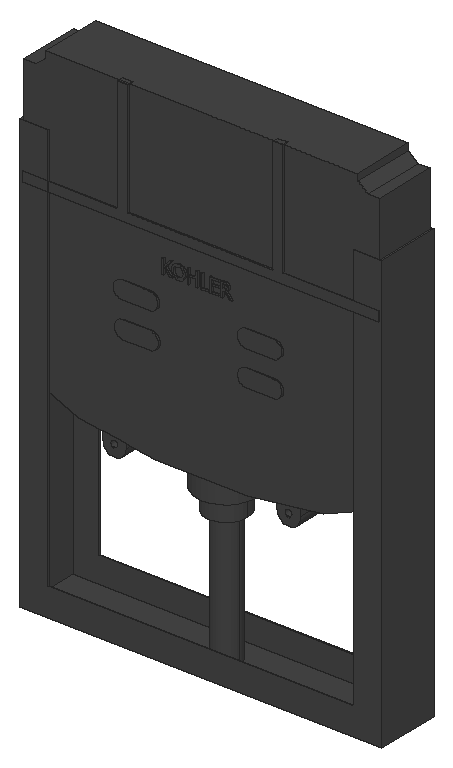
Revit family "Kohler InstaFlush 77029IN-M-NA Family", category Generic Models, Revit 2018
Family settings
  Can host rebar = No
  Round Connector Dimension = Use Diameter
  Part Type = Normal
  Work Plane-Based = No
  Always vertical = Yes
  Cut with Voids When Loaded = No
  Shared = No
  Room Calculation Point = No
Parameters (values of type "Kohler 77029IN-M-NA")
  Width = 92 mm
  URL = "http://www.us.kohler.com"
  Type Image = 77029IN-M-NA.tif
  Model = "Kohler InstaFlush 77029IN-M-NA"
  Material Tank = White
  Material Pype = Rubber - Black
  Material Holes = Holes
  Material Frame = Aluminum - Dark
  Manufacturer = "Kohler"
  MAterial Name = Gray
  Length = 514 mm
  Height = 792 mm
  Description = "In-Wall tank with half frame"
Reference planes
  plane 1 "Center (Front/Back)": y = 0
  plane 2: z = 0
  plane 3 "Center (Left/Right)": x = 0
  plane 4: y = 0
  plane 5: y = -92
  plane 6: z = 0
  plane 7: z = 3
  plane 8: z = 620.75
  plane 9: y = -1.858
  plane 10: y = -84.358
  plane 11: y = -84.358
  plane 12: y = -92.194
  plane 13: z = 194
  plane 14: z = 224
  plane 15: z = 252.858
  plane 16: z = 4.5
Forms (mm)
  Extrusion 1, solid, material "Aluminum - Dark"
    sketch origin (0, 0, 0) x (-1, 0, 0) y (0, 0, -1)
      loop
        line (0, 0) -> (-513.5, 0) -> (-513.5, -620) -> (-473.5, -620) -> (-473.5, -40) -> (-40, -40) -> (-40, -620) -> (0, -620) -> (0, 0)
    from 0 to 92
  Extrusion 2, void
    sketch origin (0, 0, 3) x (0, 1, 0) y (1, 0, 0)
      loop
        line (-1.858, 2.822) -> (-1.858, 511.312) -> (-90.626, 511.312) -> (-90.626, 2.822) -> (-1.858, 2.822)
    from 0 to -617.75
  Extrusion 3, solid, material "White"
    sketch origin (2.822, -1.858, 3) x (1, 0, 0) y (0, 0, 1)
      loop
        line (1.178, 298.624) -> (79.998, 265.167) -> (188.928, 249.858) -> (318.928, 249.858) -> (427.857, 265.167) -> (506.678, 298.624) -> (506.678, 693.907) -> (489.267, 693.907) -> (475.478, 705.477) -> (475.478, 715.338) -> (32.378, 715.338) -> (32.378, 705.477) -> (18.589, 693.907) -> (1.178, 693.907) -> (1.178, 298.624)
    from 0 to 88.769
  Extrusion 4, solid
    sketch origin (0, -84.358, 0) x (-1, 0, 0) y (0, 0, 1)
      loop
        line (-154, 718.338) -> (-154, 555.306) -> (-359.5, 555.306) -> (-359.5, 718.338) -> (-373.5, 718.338) -> (-373.5, 555.306) -> (-509.5, 555.306) -> (-509.5, 541.306) -> (-4, 541.306) -> (-4, 555.306) -> (-140, 555.306) -> (-140, 718.338) -> (-154, 718.338)
      loop
        line (-147, 416.476) -> (-184.698, 416.476)
        arc (-184.698, 416.476) -> (-197.198, 403.976) -> (-184.698, 391.476) r 12.5
        line (-184.698, 391.476) -> (-147, 391.476)
        arc (-147, 391.476) -> (-134.5, 403.976) -> (-147, 416.476) r 12.5
      loop
        arc (-359.75, 416.476) -> (-372.25, 403.976) -> (-359.75, 391.476) r 12.5
        line (-359.75, 391.476) -> (-322.052, 391.476)
        arc (-322.052, 391.476) -> (-309.552, 403.976) -> (-322.052, 416.476) r 12.5
        line (-322.052, 416.476) -> (-359.75, 416.476)
      loop
        line (-183.75, 441.615) -> (-145.75, 441.615)
        arc (-145.75, 441.615) -> (-133.25, 454.115) -> (-145.75, 466.615) r 12.5
        line (-145.75, 466.615) -> (-183.75, 466.615)
        arc (-183.75, 466.615) -> (-196.25, 454.115) -> (-183.75, 441.615) r 12.5
      loop
        arc (-359.75, 466.615) -> (-372.25, 454.115) -> (-359.75, 441.615) r 12.5
        line (-359.75, 441.615) -> (-321.75, 441.615)
        arc (-321.75, 441.615) -> (-309.25, 454.115) -> (-321.75, 466.615) r 12.5
        line (-321.75, 466.615) -> (-359.75, 466.615)
    from 0 to -8.269
  Extrusion 5, solid, material "White"
    sketch origin (2.822, -90.626, 3) x (1, 0, 0) y (0, 0, 1)
      loop
        line (253.852, 511.518) -> (253.852, 491.553) -> (256.404, 491.553) -> (265.264, 491.553) -> (265.264, 493.756) -> (256.404, 493.756) -> (256.404, 511.518) -> (253.852, 511.518)
      loop
        line (267.569, 511.518) -> (267.569, 491.553) -> (279.713, 491.553) -> (279.713, 493.756) -> (270.026, 493.756) -> (270.026, 501.298) -> (279.262, 501.298) -> (279.262, 503.678) -> (270.026, 503.678) -> (270.026, 509.137) -> (279.894, 509.137) -> (279.894, 511.518) -> (267.569, 511.518)
      loop
        line (199.541, 511.518) -> (199.541, 491.553) -> (202.178, 491.553) -> (202.178, 499.544) -> (203.403, 500.824) -> (210.526, 491.553) -> (214.1, 491.553) -> (205.227, 502.729) -> (213.582, 511.458) -> (210.435, 511.458) -> (202.178, 502.285) -> (202.178, 511.518) -> (199.541, 511.518)
      loop
        line (235.295, 511.518) -> (235.295, 491.553) -> (237.764, 491.553) -> (237.764, 501.156) -> (246.95, 501.156) -> (246.95, 491.553) -> (249.534, 491.553) -> (249.534, 511.518) -> (246.95, 511.518) -> (246.95, 503.797) -> (237.764, 503.797) -> (237.764, 511.518) -> (235.295, 511.518)
      loop
        line (282.931, 511.518) -> (282.931, 491.553) -> (285.436, 491.553) -> (285.436, 499.544) -> (288.558, 499.544) -> (294.91, 491.553) -> (298.255, 491.553) -> (289.824, 501.694)
        arc (289.824, 501.694) -> (294.443, 507.081) -> (288.905, 511.518) r 4.936
        line (288.905, 511.518) -> (285.436, 511.518) -> (282.931, 511.518)
      loop
        circle (222.578, 501.536) r 9.983
      loop
        line (289.028, 509.768) -> (285.436, 509.768) -> (285.436, 503.475) -> (289.028, 503.475)
        arc (289.028, 503.475) -> (292.715, 506.621) -> (289.028, 509.768) r 3.186
      loop
        circle (222.578, 501.536) r 7.163
    from 0 to 2
  Extrusion 6, solid, material "Rubber - Black"
    sketch origin (511.312, -1.858, 3) x (-1, 0, 0) y (0, -1, 0)
      loop
        circle (254.562, 44.142) r 18.5
    from 0 to 191
  Extrusion 7, solid, material "Rubber - Black"
    sketch origin (511.312, -1.858, 194) x (-1, 0, 0) y (0, -1, 0)
      loop
        circle (254.562, 44.142) r 30
    from 0 to 30
  Extrusion 8, solid, material "Rubber - Black"
    sketch origin (226.75, -46, 224) x (0, -1, 0) y (1, 0, 0)
      loop
        circle (0, 30) r 43.513
    from 0 to 28.858
  Extrusion 9, solid, material "White"
    sketch origin (4, -90.626, 301.624) x (0, 0, -1) y (1, 0, 0)
      loop
        line (38.249, 112.914) -> (48.766, 112.914)
        arc (48.766, 112.914) -> (65.369, 129.362) -> (48.869, 145.913) r 16.5
        line (48.869, 145.913) -> (42.887, 145.913) -> (38.249, 112.914)
      loop
        line (38.192, 392.994) -> (42.818, 360.072) -> (48.869, 360.072)
        arc (48.869, 360.072) -> (66.452, 376.588) -> (48.766, 392.994) r 16.5
        line (48.766, 392.994) -> (38.192, 392.994)
      loop
        circle (48.869, 129.413) r 5
      loop
        circle (49.952, 376.537) r 5
    from 0 to -88.769
  Extrusion 10, void
    sketch origin (0, -92, 0) x (1, 0, 0) y (0, -1, 0)
      loop
        circle (256.75, -46) r 18.5
    from 0 to -4.5
Cuts and joins
  Extrusion 2, Extrusion 10 cuts Extrusion 1
  joined: Extrusion 3, Extrusion 5
  joined: Extrusion 6, Extrusion 7
Lines and regions (mm)
  reference lines
    curve 1: line (0, 0, 0) -> (0, 0, 620)
    curve 2: line (0, 0, 620) -> (40, 0, 620)
    curve 3: line (40, 0, 40) -> (40, 0, 620)
    curve 4: line (473.5, 0, 40) -> (40, 0, 40)
    curve 5: line (473.5, 0, 620) -> (473.5, 0, 40)
    curve 6: line (513.5, 0, 620) -> (473.5, 0, 620)
    curve 7: line (513.5, 0, 0) -> (513.5, 0, 620)
    curve 8: line (0, 0, 0) -> (513.5, 0, 0)
    curve 9: line (2.822, -1.858, 3) -> (511.312, -1.858, 3)
    curve 10: line (511.312, -1.858, 3) -> (511.312, -90.626, 3)
    curve 11: line (511.312, -90.626, 3) -> (2.822, -90.626, 3)
    curve 12: line (2.822, -90.626, 3) -> (2.822, -1.858, 3)
    curve 13: line (4, -1.858, 696.907) -> (4, -1.858, 301.624)
    curve 14: line (4, -1.858, 696.907) -> (21.411, -1.858, 696.907)
    curve 15: line (21.411, -1.858, 696.907) -> (35.2, -1.858, 708.477)
    curve 16: line (35.2, -1.858, 708.477) -> (35.2, -1.858, 718.338)
    curve 17: line (35.2, -1.858, 718.338) -> (478.3, -1.858, 718.338)
    curve 18: line (478.3, -1.858, 708.477) -> (478.3, -1.858, 718.338)
    curve 19: line (492.089, -1.858, 696.907) -> (478.3, -1.858, 708.477)
    curve 20: line (509.5, -1.858, 696.907) -> (492.089, -1.858, 696.907)
    curve 21: line (509.5, -1.858, 301.624) -> (509.5, -1.858, 696.907)
    curve 22: line (430.679, -1.858, 268.167) -> (509.5, -1.858, 301.624)
    curve 23: line (321.75, -1.858, 252.858) -> (430.679, -1.858, 268.167)
    curve 24: line (191.75, -1.858, 252.858) -> (321.75, -1.858, 252.858)
    curve 25: line (191.75, -1.858, 252.858) -> (82.821, -1.858, 268.167)
    curve 26: line (82.821, -1.858, 268.167) -> (4, -1.858, 301.624)
    curve 27: line (154, -84.358, 555.306) -> (154, -84.358, 718.338)
    curve 28: line (154, -84.358, 555.306) -> (359.5, -84.358, 555.306)
    curve 29: line (359.5, -84.358, 718.338) -> (359.5, -84.358, 555.306)
    curve 30: line (359.5, -84.358, 718.338) -> (373.5, -84.358, 718.338)
    curve 31: line (373.5, -84.358, 718.338) -> (373.5, -84.358, 555.306)
    curve 32: line (373.5, -84.358, 555.306) -> (509.5, -84.358, 555.306)
    curve 33: line (509.5, -84.358, 555.306) -> (509.5, -84.358, 541.306)
    curve 34: line (4, -84.358, 541.306) -> (509.5, -84.358, 541.306)
    curve 35: line (4, -84.358, 555.306) -> (4, -84.358, 541.306)
    curve 36: line (4, -84.358, 555.306) -> (140, -84.358, 555.306)
    curve 37: line (140, -84.358, 555.306) -> (140, -84.358, 718.338)
    curve 38: line (140, -84.358, 718.338) -> (154, -84.358, 718.338)
    curve 39: arc (147, -84.358, 391.476) -> (134.5, -84.358, 403.976) -> (147, -84.358, 416.476) r 12.5
    curve 40: line (184.698, -84.358, 391.476) -> (147, -84.358, 391.476)
    curve 41: arc (184.698, -84.358, 416.476) -> (197.198, -84.358, 403.976) -> (184.698, -84.358, 391.476) r 12.5
    curve 42: line (147, -84.358, 416.476) -> (184.698, -84.358, 416.476)
    curve 43: line (322.052, -84.358, 416.476) -> (359.75, -84.358, 416.476)
    curve 44: arc (322.052, -84.358, 391.476) -> (309.552, -84.358, 403.976) -> (322.052, -84.358, 416.476) r 12.5
    curve 45: line (359.75, -84.358, 391.476) -> (322.052, -84.358, 391.476)
    curve 46: arc (359.75, -84.358, 416.476) -> (372.25, -84.358, 403.976) -> (359.75, -84.358, 391.476) r 12.5
    curve 47: arc (183.75, -84.358, 466.615) -> (196.25, -84.358, 454.115) -> (183.75, -84.358, 441.615) r 12.5
    curve 48: line (183.75, -84.358, 466.615) -> (145.75, -84.358, 466.615)
    curve 49: arc (145.75, -84.358, 441.615) -> (133.25, -84.358, 454.115) -> (145.75, -84.358, 466.615) r 12.5
    curve 50: line (183.75, -84.358, 441.615) -> (145.75, -84.358, 441.615)
    curve 51: arc (359.75, -84.358, 466.615) -> (372.25, -84.358, 454.115) -> (359.75, -84.358, 441.615) r 12.5
    curve 52: line (359.75, -84.358, 441.615) -> (321.75, -84.358, 441.615)
    curve 53: arc (321.75, -84.358, 441.615) -> (309.25, -84.358, 454.115) -> (321.75, -84.358, 466.615) r 12.5
    curve 54: line (359.75, -84.358, 466.615) -> (321.75, -84.358, 466.615)
    curve 55: line (256.674, -90.626, 514.518) -> (259.226, -90.626, 514.518)
    curve 56: line (259.226, -90.626, 514.518) -> (259.226, -90.626, 496.756)
    curve 57: line (268.086, -90.626, 496.756) -> (259.226, -90.626, 496.756)
    curve 58: line (268.086, -90.626, 494.553) -> (268.086, -90.626, 496.756)
    curve 59: line (259.226, -90.626, 494.553) -> (268.086, -90.626, 494.553)
    curve 60: line (259.226, -90.626, 494.553) -> (256.674, -90.626, 494.553)
    curve 61: line (256.674, -90.626, 494.553) -> (256.674, -90.626, 514.518)
    curve 62: line (270.392, -90.626, 494.553) -> (270.392, -90.626, 514.518)
    curve 63: line (270.392, -90.626, 494.553) -> (282.536, -90.626, 494.553)
    curve 64: line (282.536, -90.626, 496.756) -> (282.536, -90.626, 494.553)
    curve 65: line (272.848, -90.626, 496.756) -> (282.536, -90.626, 496.756)
    curve 66: line (272.848, -90.626, 504.298) -> (272.848, -90.626, 496.756)
    curve 67: line (282.084, -90.626, 504.298) -> (272.848, -90.626, 504.298)
    curve 68: line (282.084, -90.626, 506.678) -> (282.084, -90.626, 504.298)
    curve 69: line (272.848, -90.626, 506.678) -> (282.084, -90.626, 506.678)
    curve 70: line (272.848, -90.626, 512.137) -> (272.848, -90.626, 506.678)
    curve 71: line (282.716, -90.626, 512.137) -> (272.848, -90.626, 512.137)
    curve 72: line (282.716, -90.626, 514.518) -> (282.716, -90.626, 512.137)
    curve 73: line (270.392, -90.626, 514.518) -> (282.716, -90.626, 514.518)
    curve 74: line (202.363, -90.626, 514.518) -> (205, -90.626, 514.518)
    curve 75: line (205, -90.626, 514.518) -> (205, -90.626, 505.285)
    curve 76: line (205, -90.626, 505.285) -> (213.257, -90.626, 514.458)
    curve 77: line (213.257, -90.626, 514.458) -> (216.404, -90.626, 514.458)
    curve 78: line (216.404, -90.626, 514.458) -> (208.049, -90.626, 505.729)
    curve 79: line (216.923, -90.626, 494.553) -> (208.049, -90.626, 505.729)
    curve 80: line (213.348, -90.626, 494.553) -> (216.923, -90.626, 494.553)
    curve 81: line (206.225, -90.626, 503.824) -> (213.348, -90.626, 494.553)
    curve 82: line (206.225, -90.626, 503.824) -> (205, -90.626, 502.544)
    curve 83: line (205, -90.626, 502.544) -> (205, -90.626, 494.553)
    curve 84: line (205, -90.626, 494.553) -> (202.363, -90.626, 494.553)
    curve 85: line (202.363, -90.626, 494.553) -> (202.363, -90.626, 514.518)
    curve 86: line (238.117, -90.626, 514.518) -> (240.586, -90.626, 514.518)
    curve 87: line (240.586, -90.626, 514.518) -> (240.586, -90.626, 506.797)
    curve 88: line (240.586, -90.626, 506.797) -> (249.772, -90.626, 506.797)
    curve 89: line (249.772, -90.626, 506.797) -> (249.772, -90.626, 514.518)
    curve 90: line (249.772, -90.626, 514.518) -> (252.356, -90.626, 514.518)
    curve 91: line (252.356, -90.626, 514.518) -> (252.356, -90.626, 494.553)
    curve 92: line (252.356, -90.626, 494.553) -> (249.772, -90.626, 494.553)
    curve 93: line (249.772, -90.626, 494.553) -> (249.772, -90.626, 504.156)
    curve 94: line (249.772, -90.626, 504.156) -> (240.586, -90.626, 504.156)
    curve 95: line (240.586, -90.626, 504.156) -> (240.586, -90.626, 494.553)
    curve 96: line (240.586, -90.626, 494.553) -> (238.117, -90.626, 494.553)
    curve 97: line (238.117, -90.626, 494.553) -> (238.117, -90.626, 514.518)
    curve 98: line (285.754, -90.626, 514.518) -> (288.258, -90.626, 514.518)
    curve 99: line (288.258, -90.626, 514.518) -> (291.727, -90.626, 514.518)
    curve 100: arc (292.646, -90.626, 504.694) -> (297.265, -90.626, 510.081) -> (291.727, -90.626, 514.518) r 4.936
    curve 101: line (301.078, -90.626, 494.553) -> (292.646, -90.626, 504.694)
    curve 102: line (297.733, -90.626, 494.553) -> (301.078, -90.626, 494.553)
    curve 103: line (291.38, -90.626, 502.544) -> (297.733, -90.626, 494.553)
    curve 104: line (288.258, -90.626, 502.544) -> (291.38, -90.626, 502.544)
    curve 105: line (288.258, -90.626, 502.544) -> (288.258, -90.626, 494.553)
    curve 106: line (288.258, -90.626, 494.553) -> (285.754, -90.626, 494.553)
    curve 107: line (285.754, -90.626, 494.553) -> (285.754, -90.626, 514.518)
    curve 108: circle (225.4, -90.626, 504.536) r 9.983 normal (0, -1, 0)
    curve 109: line (288.258, -90.626, 512.768) -> (291.85, -90.626, 512.768)
    curve 110: line (288.258, -90.626, 512.768) -> (288.258, -90.626, 506.475)
    curve 111: line (291.85, -90.626, 506.475) -> (288.258, -90.626, 506.475)
    curve 112: arc (291.85, -90.626, 506.475) -> (295.537, -90.626, 509.621) -> (291.85, -90.626, 512.768) r 3.186
    curve 113: circle (225.4, -90.626, 504.536) r 7.163 normal (0, -1, 0)
    curve 114: circle (256.75, -46, 3) r 18.5 normal (0, 0, 1)
    curve 115: circle (256.75, -46, 194) r 30 normal (0, 0, 1)
    curve 116: circle (256.75, -46, 224) r 43.513 normal (0, 0, 1)
    curve 117: line (116.914, -90.626, 252.858) -> (116.914, -90.626, 263.375)
    curve 118: arc (116.914, -90.626, 252.858) -> (133.362, -90.626, 236.255) -> (149.913, -90.626, 252.755) r 16.5
    curve 119: line (149.913, -90.626, 252.755) -> (149.913, -90.626, 258.737)
    curve 120: line (149.913, -90.626, 258.737) -> (116.914, -90.626, 263.375)
    curve 121: line (430.679, -90.626, 268.167) -> (321.75, -90.626, 252.858)
    curve 122: line (364.072, -90.626, 252.755) -> (364.072, -90.626, 258.806)
    curve 123: arc (364.072, -90.626, 252.755) -> (380.588, -90.626, 235.172) -> (396.994, -90.626, 252.858) r 16.5
    curve 124: line (396.994, -90.626, 252.858) -> (396.994, -90.626, 263.432)
    curve 125: circle (133.413, -90.626, 252.755) r 5 normal (0, -1, 0)
    curve 126: circle (380.537, -90.626, 251.672) r 5 normal (0, -1, 0)
    curve 127: circle (256.75, -46, 0) r 18.5 normal (0, 0, -1)
Dimensions and locks
  locked: plane 4 to plane 5 at 92
  locked: plane 7 to plane 6 at 3
  locked: plane 8 to plane 7 at 617.75
  locked: plane 10 to plane 9 at 82.5
  locked: plane 13 to plane 7 at 191
  locked: plane 13 to plane 14 at 30
  locked: plane 16 to plane 6 at 4.5
  aligned and locked: level to plane 2
  aligned and locked: Extrusion 1 to plane 5
  aligned and locked: Extrusion 1 to plane 4
  aligned and locked: Extrusion 2 to plane 8
  aligned and locked: plane 7 to Extrusion 2
  aligned and locked: Extrusion 4 to plane 11
  aligned and locked: Extrusion 4 sketch curve to curve 39
  aligned and locked: Extrusion 5 sketch curve to curve 100
  aligned and locked: Extrusion 5 sketch curve to curve 112
  aligned and locked: Extrusion 6 to plane 13
  aligned and locked: plane 7 to Extrusion 6
  aligned and locked: Extrusion 7 to plane 14
  aligned and locked: Extrusion 7 to plane 13
  aligned and locked: Extrusion 8 to plane 15
  aligned and locked: Extrusion 8 to plane 14
  aligned and locked: plane 9 to Extrusion 9
  aligned and locked: Extrusion 9 sketch curve to curve 118
  aligned and locked: Extrusion 10 to plane 16
  aligned and locked: plane 6 to Extrusion 10
